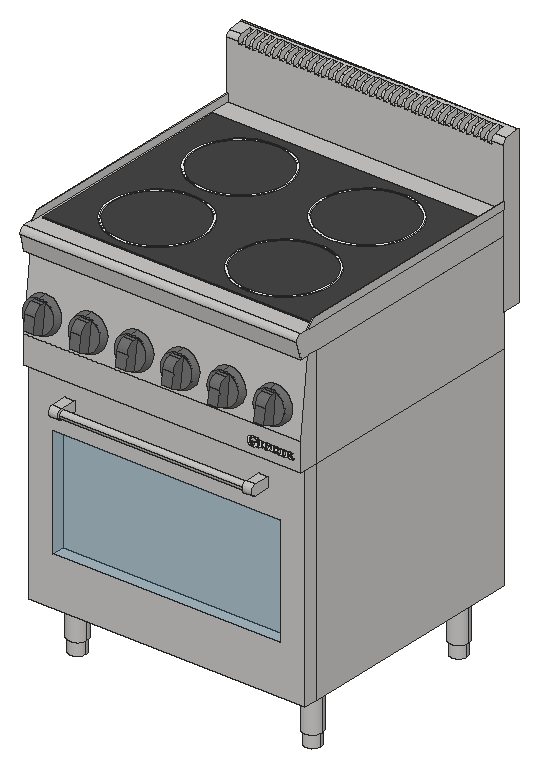
Revit family "QF_GIORIK_LPV674E", category Specialty Equipment, Revit 2014
Parameters (values of type "LPV674E")
  Weight in Pounds = 130.0726
  Watts = 10200 W
  Volts = 400 V
  URL Cutsheet = "www.giorik.com"
  URL = "www.giorik.com"
  Status [instance] = ""
  Specification by User [instance] = ""
  Specification by Manufacturer = ""
  Show Logo [instance] = yes
  Show Clearance [instance] = yes
  Serial Number = ""
  Seismic Rating = ""
  SMACNA No = ""
  Revision Code [instance] = ""
  Phase = 3
  Number of Poles [instance] = 3
  NAFEM Spec ID Number = ""
  Model = "LPV674E"
  Min Ckt Ampacity = 0 A
  Max Overcurrent Protection = 0 A
  Masterspec = ""
  Manufacturer = "GIORIK"
  Item Number [instance] = ""
  Installed By [instance] = ""
  Identify Quantity as Lot [instance] = no
  HP = "13.678404000000"
  Furnished By [instance] = ""
  Foodservice Equipment Identifier [instance] = yes
  FL Amps = 0 A
  Electrical Remarks [instance] = ""
  Electric Connection Type [instance] = ""
  Elec Conn RI Height [instance] = 0 mm
  Elec Conn Connection Height [instance] = 484 mm
  Description = "COOKING TOP 4 PLATES WITH CERAMIC GLASS ON ELECTRIC OVEN"
  Cycle = 50 Hz
  Conn Plug = ""
  CSI MasterFormat = ""
  Assembly Code = "E1090320"
  Apparent Power = 10200 VA
Reference planes
  plane 1 "Back": y = 0
  plane 2: z = 0
  plane 3 "Left": x = 0
  plane 4 "Right": x = 600
  plane 5 "Front": y = -600
  plane 6 "Top": z = 990
Forms (mm)
  Extrusion 1, solid
    sketch origin (0, 1000, -20) x (0, 1, 0) y (0, 0, 1)
      loop
        line (-1040.007, 869.975) -> (-1589.445, 869.975)
        arc (-1589.445, 869.975) -> (-1598.171, 865.672) -> (-1600.069, 856.13) r 10.999
        line (-1600.069, 856.13) -> (-1590.388, 820) -> (-1040.007, 820) -> (-1040.007, 869.975)
    from 0 to 600
  Extrusion 2, solid
    sketch origin (0, 0, 599.536) x (1, 0, 0) y (0, 1, 0)
      loop
        line (0, -550) -> (600, -550) -> (600, -40.007) -> (0, -40.007) -> (0, -550)
    from -479.536 to -19.536
  Extrusion 3, solid
    sketch origin (0, -645.251, 0) x (1, 0, 0) y (0, 0, 1)
      loop
        line (0, 580) -> (0, 120) -> (600, 120) -> (600, 580) -> (0, 580)
      loop
        line (52.345, 225.367) -> (547.299, 225.367) -> (547.299, 465.345) -> (52.345, 465.345) -> (52.345, 225.367)
    from -95.251 to -67.204
  Extrusion 4, solid
    sketch origin (0, -560.251, 0) x (1, 0, 0) y (0, 0, 1)
      loop
        line (52.345, 465.345) -> (52.345, 225.367) -> (547.299, 225.367) -> (547.299, 465.345) -> (52.345, 465.345)
    from -10.251 to 17.796
  Revolve 5, solid
    sketch origin (-599.9, -105.49, 0) x (1, 0, 0) y (0, 0, 1)
      loop
        line (1133.944, 120) -> (1133.944, 28.558) -> (1137.444, 28.558) -> (1137.444, 0) -> (1154.944, 0) -> (1154.944, 120) -> (1133.944, 120)
      axis (1154.944, 120) -> (1154.944, 0)
    angle from 0 to 360
  Revolve 6, solid
    sketch origin (-599.9, -501.453, 0) x (1, 0, 0) y (0, 0, 1)
      loop
        line (1133.944, 120) -> (1133.944, 28.558) -> (1137.444, 28.558) -> (1137.444, 0) -> (1154.944, 0) -> (1154.944, 120) -> (1133.944, 120)
      axis (1154.944, 120) -> (1154.944, 0)
    angle from 0 to 360
  Extrusion 7, solid
    sketch origin (0, 0, 0) x (0, 1, 0) y (0, 0, 1)
      loop
        line (-570.06, 849.975) -> (-40.007, 849.975) -> (-40.007, 865.387) -> (-554.648, 865.387) -> (-570.06, 849.975)
    from 0 to 1.85
  Extrusion 8, solid
    sketch origin (0, 0, 0) x (0, 1, 0) y (0, 0, 1)
      loop
        line (-40.007, 800) -> (-550, 800) -> (-550, 580) -> (-40.007, 580) -> (-40.007, 800)
    from 0 to 600
  Extrusion 9, solid
    sketch origin (0, 0, 0) x (0, 1, 0) y (0, 0, 1)
      loop
        line (-550, 800) -> (-570.5, 800) -> (-590, 640) -> (-590, 580) -> (-550, 580) -> (-550, 800)
    from 0 to 600
  Revolve 10, solid
    sketch origin (50.155, -0.544, -0.03) x (0, 1, 0) y (0, 0, 1)
      loop
        line (-598.03, 706.389) -> (-594.27, 737.013) -> (-609.648, 734.852) -> (-613.772, 701.269) -> (-581.482, 697.305) -> (-580.629, 704.252) -> (-598.03, 706.389)
      axis (-581.482, 697.305) -> (-613.772, 701.269)
    angle from 0 to 360
  Extrusion 11, solid
    sketch origin (598.094, 0, 0) x (0, 1, 0) y (0, 0, 1)
      loop
        line (-570.06, 849.975) -> (-40.007, 849.975) -> (-40.007, 865.387) -> (-554.648, 865.387) -> (-570.06, 849.975)
    from -0.15 to 1.906
  Extrusion 12, solid
    sketch origin (0, 0, 0) x (0, 1, 0) y (0, 0, 1)
      loop
        line (-40.007, 974.217) -> (-40.007, 650.827) -> (0, 650.827) -> (0, 988.42)
        arc (0, 988.42) -> (-0.57, 989.648) -> (-1.878, 990) r 1.6
        line (-1.878, 990) -> (-31.072, 984.852)
        arc (-31.072, 984.852) -> (-37.477, 981.162) -> (-40.007, 974.217) r 10.797
    from 0 to 600
  Extrusion 13, solid
    sketch origin (-112.831, -0.544, -0.03) x (0, 1, 0) y (0, 0, 1)
      loop
        line (-635.843, 711.553) -> (-639.647, 680.575) -> (-617.415, 671.593) -> (-610.135, 730.882) -> (-617.934, 729.786)
        arc (-617.934, 729.786) -> (-629.982, 723.708) -> (-635.843, 711.553) r 20.998
    from 151.831 to 173.831
  Revolve 14, solid
    sketch origin (150.132, -0.544, -0.03) x (0, 1, 0) y (0, 0, 1)
      loop
        line (-598.03, 706.389) -> (-594.27, 737.013) -> (-609.648, 734.852) -> (-613.772, 701.269) -> (-581.482, 697.305) -> (-580.629, 704.252) -> (-598.03, 706.389)
      axis (-581.482, 697.305) -> (-613.772, 701.269)
    angle from 0 to 360
  Extrusion 15, solid
    sketch origin (-12.854, -0.544, -0.03) x (0, 1, 0) y (0, 0, 1)
      loop
        line (-635.843, 711.553) -> (-639.647, 680.575) -> (-617.415, 671.593) -> (-610.135, 730.882) -> (-617.934, 729.786)
        arc (-617.934, 729.786) -> (-629.982, 723.708) -> (-635.843, 711.553) r 20.998
    from 151.831 to 173.831
  Revolve 16, solid
    sketch origin (250.155, -0.544, -0.03) x (0, 1, 0) y (0, 0, 1)
      loop
        line (-598.03, 706.389) -> (-594.27, 737.013) -> (-609.648, 734.852) -> (-613.772, 701.269) -> (-581.482, 697.305) -> (-580.629, 704.252) -> (-598.03, 706.389)
      axis (-581.482, 697.305) -> (-613.772, 701.269)
    angle from 0 to 360
  Extrusion 17, solid
    sketch origin (87.169, -0.544, -0.03) x (0, 1, 0) y (0, 0, 1)
      loop
        line (-635.843, 711.553) -> (-639.647, 680.575) -> (-617.415, 671.593) -> (-610.135, 730.882) -> (-617.934, 729.786)
        arc (-617.934, 729.786) -> (-629.982, 723.708) -> (-635.843, 711.553) r 20.998
    from 151.831 to 173.831
  Revolve 18, solid
    sketch origin (350.155, -0.544, -0.03) x (0, 1, 0) y (0, 0, 1)
      loop
        line (-598.03, 706.389) -> (-594.27, 737.013) -> (-609.648, 734.852) -> (-613.772, 701.269) -> (-581.482, 697.305) -> (-580.629, 704.252) -> (-598.03, 706.389)
      axis (-581.482, 697.305) -> (-613.772, 701.269)
    angle from 0 to 360
  Extrusion 19, solid
    sketch origin (187.169, -0.544, -0.03) x (0, 1, 0) y (0, 0, 1)
      loop
        line (-635.843, 711.553) -> (-639.647, 680.575) -> (-617.415, 671.593) -> (-610.135, 730.882) -> (-617.934, 729.786)
        arc (-617.934, 729.786) -> (-629.982, 723.708) -> (-635.843, 711.553) r 20.998
    from 151.831 to 173.831
  Revolve 20, solid
    sketch origin (450.155, -0.544, -0.03) x (0, 1, 0) y (0, 0, 1)
      loop
        line (-598.03, 706.389) -> (-594.27, 737.013) -> (-609.648, 734.852) -> (-613.772, 701.269) -> (-581.482, 697.305) -> (-580.629, 704.252) -> (-598.03, 706.389)
      axis (-581.482, 697.305) -> (-613.772, 701.269)
    angle from 0 to 360
  Extrusion 21, solid
    sketch origin (287.169, -0.544, -0.03) x (0, 1, 0) y (0, 0, 1)
      loop
        line (-635.843, 711.553) -> (-639.647, 680.575) -> (-617.415, 671.593) -> (-610.135, 730.882) -> (-617.934, 729.786)
        arc (-617.934, 729.786) -> (-629.982, 723.708) -> (-635.843, 711.553) r 20.998
    from 151.831 to 173.831
  Revolve 22, solid
    sketch origin (550.155, -0.544, -0.03) x (0, 1, 0) y (0, 0, 1)
      loop
        line (-598.03, 706.389) -> (-594.27, 737.013) -> (-609.648, 734.852) -> (-613.772, 701.269) -> (-581.482, 697.305) -> (-580.629, 704.252) -> (-598.03, 706.389)
      axis (-581.482, 697.305) -> (-613.772, 701.269)
    angle from 0 to 360
  Extrusion 23, solid
    sketch origin (387.169, -0.544, -0.03) x (0, 1, 0) y (0, 0, 1)
      loop
        line (-635.843, 711.553) -> (-639.647, 680.575) -> (-617.415, 671.593) -> (-610.135, 730.882) -> (-617.934, 729.786)
        arc (-617.934, 729.786) -> (-629.982, 723.708) -> (-635.843, 711.553) r 20.998
    from 151.831 to 173.831
  Extrusion 24, solid
    sketch origin (0, 8.303, 0) x (0, 1, 0) y (0, 0, 1)
      loop
        line (-620.347, 517.339) -> (-586.35, 517.339) -> (-586.35, 539.337) -> (-620.347, 539.337)
        arc (-620.347, 539.337) -> (-631.346, 528.338) -> (-620.347, 517.339) r 10.999
    from 79.843 to 99.841
  Extrusion 25, solid
    sketch origin (419.961, 8.303, 0) x (0, 1, 0) y (0, 0, 1)
      loop
        line (-620.347, 517.339) -> (-586.35, 517.339) -> (-586.35, 539.337) -> (-620.347, 539.337)
        arc (-620.347, 539.337) -> (-631.346, 528.338) -> (-620.347, 517.339) r 10.999
    from 79.843 to 99.841
  Extrusion 26, solid
    sketch origin (0, 8.303, 0) x (0, 1, 0) y (0, 0, 1)
      loop
        circle (-620.347, 528.338) r 8
    from 99.841 to 499.803
  Extrusion 27, solid, visible <- "Show Logo", detail levels coarse
    sketch origin (0, 0, 0) x (0, 1, 0) y (0, 0, 1)
      loop
        line (-578.047, 120) -> (-578.047, 580)
        arc (-578.047, 580) -> (-903.316, 445.269) -> (-1038.047, 120) r 460
        line (-1038.047, 120) -> (-578.047, 120)
    from 0 to 600
  Revolve 28, solid
    sketch origin (-1109.9, -105.49, 0) x (1, 0, 0) y (0, 0, 1)
      loop
        line (1133.944, 120) -> (1133.944, 28.558) -> (1137.444, 28.558) -> (1137.444, 0) -> (1154.944, 0) -> (1154.944, 120) -> (1133.944, 120)
      axis (1154.944, 120) -> (1154.944, 0)
    angle from 0 to 360
  Revolve 29, solid
    sketch origin (-1109.9, -501.453, 0) x (1, 0, 0) y (0, 0, 1)
      loop
        line (1133.944, 120) -> (1133.944, 28.558) -> (1137.444, 28.558) -> (1137.444, 0) -> (1154.944, 0) -> (1154.944, 120) -> (1133.944, 120)
      axis (1154.944, 120) -> (1154.944, 0)
    angle from 0 to 360
  Extrusion 30, solid
    sketch origin (103.319, 0, -122) x (1, 0, 0) y (0, 0, 1)
      loop
        circle (-38.319, 606) r 12.5
    from 20.007 to 40.007
  Extrusion 31, solid, visible <- "Show Logo"
    sketch origin (391.604, -590.5, 553.887) x (-1, 0, 0) y (0, 0, 1)
      loop
        line (-118.824, 58.358) -> (-127.804, 58.358) -> (-125.523, 56.445) -> (-125.523, 48.027) -> (-127.804, 46.113) -> (-118.824, 46.113) -> (-121.105, 48.027) -> (-121.105, 56.445) -> (-118.824, 58.358)
      loop
        line (-163.721, 58.358) -> (-172.7, 58.358) -> (-170.42, 56.445) -> (-170.42, 48.027) -> (-172.7, 46.113) -> (-163.721, 46.113) -> (-166.001, 48.027) -> (-166.001, 56.445) -> (-163.721, 58.358)
      loop
        line (-174.332, 58.358) -> (-183.312, 58.358) -> (-181.031, 56.445) -> (-181.031, 52.435) -> (-186.419, 56.955) -> (-184.416, 58.358) -> (-191.268, 58.358) -> (-188.01, 56.839) -> (-185.455, 54.283) -> (-190.846, 47.858) -> (-193.396, 46.93) -> (-193.396, 46.113) -> (-184.416, 46.113) -> (-185.437, 47.571) -> (-182.443, 51.552) -> (-181.031, 50.894) -> (-181.031, 48.027) -> (-183.312, 46.113) -> (-174.332, 46.113) -> (-176.613, 48.027) -> (-176.613, 56.445) -> (-174.332, 58.358)
      loop
        line (-115.429, 62.063) -> (-115.429, 54.198)
        arc (-115.429, 54.198) -> (-111.618, 57.803) -> (-106.847, 59.986) r 16.039
        arc (-106.847, 59.986) -> (-103.314, 59.837) -> (-100.512, 57.68) r 5.851
        arc (-100.512, 57.68) -> (-98.815, 52.267) -> (-100.512, 46.853) r 9.479
        arc (-100.512, 46.853) -> (-102.406, 44.986) -> (-104.846, 43.93) r 7.236
        arc (-104.846, 43.93) -> (-107.728, 44.111) -> (-110.052, 45.825) r 5.11
        line (-110.052, 45.825) -> (-110.052, 52.001) -> (-116.141, 52.001) -> (-116.141, 45.503) -> (-117.893, 43.751) -> (-114.094, 44.769)
        arc (-114.094, 44.769) -> (-112.56, 44.947) -> (-111.129, 44.366) r 3.115
        arc (-111.129, 44.366) -> (-104.216, 42.091) -> (-97.303, 44.366) r 11.641
        arc (-97.303, 44.366) -> (-93.396, 52.107) -> (-97.303, 59.849) r 9.622
        arc (-97.303, 59.849) -> (-104.369, 62.174) -> (-111.435, 59.849) r 11.898
        line (-111.435, 59.849) -> (-115.429, 62.063)
      loop
        arc (-129.234, 56.068) -> (-135.893, 58.628) -> (-142.552, 56.068) r 9.941
        arc (-142.552, 56.068) -> (-144.234, 52.286) -> (-142.552, 48.505) r 5.093
        arc (-142.552, 48.505) -> (-135.893, 45.945) -> (-129.234, 48.505) r 9.941
        arc (-129.234, 48.505) -> (-127.552, 52.286) -> (-129.234, 56.068) r 5.093
      loop
        arc (-132.628, 54.403) -> (-135.893, 57.668) -> (-139.158, 54.403) r 3.265
        line (-139.158, 54.403) -> (-139.158, 50.169)
        arc (-139.158, 50.169) -> (-135.893, 46.904) -> (-132.628, 50.169) r 3.265
        line (-132.628, 50.169) -> (-132.628, 54.403)
      loop
        arc (-156.363, 58.365) -> (-159.647, 55.081) -> (-156.363, 51.796) r 3.285
        line (-156.363, 51.796) -> (-159.529, 47.306) -> (-162.087, 46.113) -> (-155.847, 46.113) -> (-153.529, 51.083) -> (-150.637, 51.083) -> (-150.637, 47.784) -> (-153.022, 46.113) -> (-144.011, 46.113) -> (-146.094, 47.68) -> (-146.094, 56.493) -> (-144.229, 58.365) -> (-156.363, 58.365)
      loop
        line (-150.637, 57.512) -> (-153.637, 57.512)
        arc (-153.637, 57.512) -> (-156.237, 54.912) -> (-153.637, 52.312) r 2.6
        line (-153.637, 52.312) -> (-150.637, 52.312) -> (-150.637, 57.512)
      loop
        line (-108.924, 52.001) -> (-104.936, 49.005) -> (-100.948, 52.001) -> (-108.924, 52.001)
    from 1.5 to -0.5
  Extrusion 32, void
    sketch origin (10, 0, 990) x (0, 1, 0) y (-1, 0, 0)
      loop
        line (-40.007, -25) -> (-9.931, -25) -> (-9.931, -15) -> (-40.007, -15) -> (-40.007, -25)
      loop
        line (-40.007, -40) -> (-9.931, -40) -> (-9.931, -30) -> (-40.007, -30) -> (-40.007, -40)
      loop
        line (-40.007, -55) -> (-9.931, -55) -> (-9.931, -45) -> (-40.007, -45) -> (-40.007, -55)
      loop
        line (-40.007, -70) -> (-9.931, -70) -> (-9.931, -60) -> (-40.007, -60) -> (-40.007, -70)
      loop
        line (-40.007, -85) -> (-9.931, -85) -> (-9.931, -75) -> (-40.007, -75) -> (-40.007, -85)
      loop
        line (-40.007, -100) -> (-9.931, -100) -> (-9.931, -90) -> (-40.007, -90) -> (-40.007, -100)
      loop
        line (-40.007, -115) -> (-9.931, -115) -> (-9.931, -105) -> (-40.007, -105) -> (-40.007, -115)
      loop
        line (-40.007, -130) -> (-9.931, -130) -> (-9.931, -120) -> (-40.007, -120) -> (-40.007, -130)
      loop
        line (-40.007, -145) -> (-9.931, -145) -> (-9.931, -135) -> (-40.007, -135) -> (-40.007, -145)
      loop
        line (-40.007, -160) -> (-9.931, -160) -> (-9.931, -150) -> (-40.007, -150) -> (-40.007, -160)
      loop
        line (-40.007, -175) -> (-9.931, -175) -> (-9.931, -165) -> (-40.007, -165) -> (-40.007, -175)
      loop
        line (-40.007, -190) -> (-9.931, -190) -> (-9.931, -180) -> (-40.007, -180) -> (-40.007, -190)
      loop
        line (-40.007, -205) -> (-9.931, -205) -> (-9.931, -195) -> (-40.007, -195) -> (-40.007, -205)
      loop
        line (-40.007, -220) -> (-9.931, -220) -> (-9.931, -210) -> (-40.007, -210) -> (-40.007, -220)
      loop
        line (-40.007, -235) -> (-9.931, -235) -> (-9.931, -225) -> (-40.007, -225) -> (-40.007, -235)
      loop
        line (-40.007, -250) -> (-9.931, -250) -> (-9.931, -240) -> (-40.007, -240) -> (-40.007, -250)
      loop
        line (-40.007, -265) -> (-9.931, -265) -> (-9.931, -255) -> (-40.007, -255) -> (-40.007, -265)
      loop
        line (-40.007, -280) -> (-9.931, -280) -> (-9.931, -270) -> (-40.007, -270) -> (-40.007, -280)
      loop
        line (-40.007, -295) -> (-9.931, -295) -> (-9.931, -285) -> (-40.007, -285) -> (-40.007, -295)
      loop
        line (-40.007, -310) -> (-9.931, -310) -> (-9.931, -300) -> (-40.007, -300) -> (-40.007, -310)
      loop
        line (-40.007, -325) -> (-9.931, -325) -> (-9.931, -315) -> (-40.007, -315) -> (-40.007, -325)
      loop
        line (-40.007, -340) -> (-9.931, -340) -> (-9.931, -330) -> (-40.007, -330) -> (-40.007, -340)
      loop
        line (-40.007, -355) -> (-9.931, -355) -> (-9.931, -345) -> (-40.007, -345) -> (-40.007, -355)
      loop
        line (-40.007, -370) -> (-9.931, -370) -> (-9.931, -360) -> (-40.007, -360) -> (-40.007, -370)
      loop
        line (-40.007, -385) -> (-9.931, -385) -> (-9.931, -375) -> (-40.007, -375) -> (-40.007, -385)
      loop
        line (-40.007, -400) -> (-9.931, -400) -> (-9.931, -390) -> (-40.007, -390) -> (-40.007, -400)
      loop
        line (-40.007, -415) -> (-9.931, -415) -> (-9.931, -405) -> (-40.007, -405) -> (-40.007, -415)
      loop
        line (-40.007, -430) -> (-9.931, -430) -> (-9.931, -420) -> (-40.007, -420) -> (-40.007, -430)
      loop
        line (-40.007, -445) -> (-9.931, -445) -> (-9.931, -435) -> (-40.007, -435) -> (-40.007, -445)
      loop
        line (-40.007, -460) -> (-9.931, -460) -> (-9.931, -450) -> (-40.007, -450) -> (-40.007, -460)
      loop
        line (-40.007, -475) -> (-9.931, -475) -> (-9.931, -465) -> (-40.007, -465) -> (-40.007, -475)
      loop
        line (-40.007, -490) -> (-9.931, -490) -> (-9.931, -480) -> (-40.007, -480) -> (-40.007, -490)
      loop
        line (-40.007, -505) -> (-9.931, -505) -> (-9.931, -495) -> (-40.007, -495) -> (-40.007, -505)
      loop
        line (-40.007, -520) -> (-9.931, -520) -> (-9.931, -510) -> (-40.007, -510) -> (-40.007, -520)
      loop
        line (-40.007, -535) -> (-9.931, -535) -> (-9.931, -525) -> (-40.007, -525) -> (-40.007, -535)
      loop
        line (-40.007, -550) -> (-9.931, -550) -> (-9.931, -540) -> (-40.007, -540) -> (-40.007, -550)
      loop
        line (-40.007, -565) -> (-9.931, -565) -> (-9.931, -555) -> (-40.007, -555) -> (-40.007, -565)
    from 0 to -20
  Extrusion 33, solid
    sketch origin (0, 0, 0) x (1, 0, 0) y (0, 0, 1)
      loop
        line (66.044, 120) -> (66.044, 95) -> (534.044, 95) -> (534.044, 120) -> (66.044, 120)
    from 141.49 to 465.453
  Extrusion 34, solid
    sketch origin (-20, -4.565, 801.975) x (0, 1, 0) y (-1, 0, 0)
      loop
        line (-545.876, -30) -> (-545.876, -610) -> (-85, -610) -> (-85, -30) -> (-545.876, -30)
    from 48 to 50
  Extrusion 35, solid
    sketch origin (-27.499, -664.222, 829.463) x (0, -1, 0) y (1, 0, 0)
      loop
        circle (-231.5, 189.999) r 100
      loop
        circle (-231.5, 189.999) r 96.5
    from 23 to 20.512
  Extrusion 36, solid
    sketch origin (627.499, -664.222, 829.463) x (0, -1, 0) y (1, 0, 0)
      loop
        circle (-231.5, -189.999) r 100
      loop
        circle (-231.5, -189.999) r 96.5
    from 23 to 20.512
  Extrusion 37, solid
    sketch origin (627.499, 24.216, 829.463) x (0, 1, 0) y (-1, 0, 0)
      loop
        circle (-231.5, 189.999) r 100
      loop
        circle (-231.5, 189.999) r 96.5
    from 23 to 20.512
  Extrusion 38, solid
    sketch origin (-27.499, 24.216, 829.463) x (0, 1, 0) y (-1, 0, 0)
      loop
        circle (-231.5, -189.999) r 100
      loop
        circle (-231.5, -189.999) r 96.5
    from 23 to 20.512
Cuts and joins
  Extrusion 32 cuts Extrusion 2
  Extrusion 32 cuts Extrusion 12
Lines and regions (mm)
  symbolic lines, style "200-EquipBorder-2D"
    curve 1: line (600, 0, 0) -> (0, 0, 0)
    curve 2: line (0, 0, 0) -> (0, -600, 0)
    curve 122: line (600, -600, 990) -> (600, 0, 990)
    curve 137: line (0, -600, 990) -> (600, -600, 990)
    curve 138: line (79.843, -623.043, 990) -> (79.843, -616.312, 990)
    curve 139: line (79.843, -623.043, 990) -> (99.841, -623.043, 990)
    curve 140: line (99.841, -623.043, 990) -> (99.841, -620.044, 990)
    curve 141: line (99.841, -620.044, 990) -> (138.977, -620.044, 990)
    curve 142: line (99.841, -604.044, 990) -> (99.841, -600, 990)
    curve 143: line (99.841, -604.044, 990) -> (113.728, -604.044, 990)
    curve 144: line (160.977, -620.044, 990) -> (239, -620.044, 990)
    curve 145: line (261, -620.044, 990) -> (339, -620.044, 990)
    curve 146: line (361, -620.044, 990) -> (439, -620.044, 990)
    curve 147: line (461, -620.044, 990) -> (499.803, -620.044, 990)
    curve 148: line (186.781, -603.985, 990) -> (213.544, -603.985, 990)
    curve 149: line (286.8, -604.061, 990) -> (313.582, -604.061, 990)
    curve 150: line (386.866, -603.984, 990) -> (413.525, -603.984, 990)
    curve 151: line (486.949, -604.031, 990) -> (499.803, -604.031, 990)
    curve 152: line (499.803, -604.031, 990) -> (499.803, -600, 990)
    curve 153: line (499.803, -620.044, 990) -> (499.803, -623.043, 990)
    curve 154: line (499.803, -623.043, 990) -> (519.801, -623.043, 990)
    curve 155: line (519.801, -623.043, 990) -> (519.801, -615.183, 990)
    curve 156: spline (39, -618.202, 990) -> (35.789, -618.041, 990) -> (32.73, -617.841, 990) -> (29.856, -617.604, 990) -> (27.196, -617.332, 990) -> (24.779, -617.028, 990) -> (22.63, -616.696, 990) -> (20.772, -616.338, 990) -> (19.225, -615.96, 990) -> (18.004, -615.563, 990) -> (17.122, -615.154, 990) -> (16.59, -614.736, 990) -> (16.412, -614.313, 990)
    curve 157: line (16.412, -614.313, 990) -> (12.424, -600, 990)
    curve 158: line (84.073, -614.408, 990) -> (87.842, -600, 990)
    curve 159: line (39, -640.19, 430) -> (39, -610.679, 430)
    curve 160: line (39, -640.19, 430) -> (61, -640.19, 430)
    curve 161: line (61, -640.19, 430) -> (61, -610.679, 430)
    curve 162: spline (16.412, -614.313, 430) -> (17.564, -613.264, 430) -> (20.941, -612.286, 430) -> (26.314, -611.446, 430) -> (33.316, -610.802, 430) -> (41.47, -610.396, 430) -> (50.22, -610.258, 430) -> (58.97, -610.396, 430) -> (67.124, -610.802, 430) -> (74.126, -611.446, 430) -> (79.499, -612.286, 430) -> (82.877, -613.264, 430) -> (84.029, -614.313, 430)
    curve 163: line (39, -610.679, 430) -> (61, -610.679, 430)
    curve 164: spline (138.977, -618.202, 990) -> (135.765, -618.041, 990) -> (132.707, -617.841, 990) -> (129.832, -617.604, 990) -> (127.172, -617.332, 990) -> (124.756, -617.028, 990) -> (122.607, -616.696, 990) -> (120.749, -616.338, 990) -> (119.201, -615.96, 990) -> (117.98, -615.563, 990) -> (117.099, -615.154, 990) -> (116.566, -614.736, 990) -> (116.388, -614.313, 990)
    curve 165: spline (184.05, -614.408, 990) -> (183.796, -614.826, 990) -> (183.195, -615.239, 990) -> (182.252, -615.643, 990) -> (180.977, -616.033, 990) -> (179.384, -616.405, 990) -> (177.489, -616.755, 990) -> (175.312, -617.08, 990) -> (172.875, -617.376, 990) -> (170.203, -617.641, 990) -> (167.325, -617.871, 990) -> (164.269, -618.065, 990) -> (161.068, -618.219, 990)
    curve 166: line (116.388, -614.313, 990) -> (112.411, -600, 990)
    curve 167: line (184.05, -614.408, 990) -> (187.825, -600, 990)
    curve 168: line (138.977, -640.19, 430) -> (138.977, -610.679, 430)
    curve 169: line (138.977, -640.19, 430) -> (160.977, -640.19, 430)
    curve 170: line (160.977, -640.19, 430) -> (160.977, -610.679, 430)
    curve 171: spline (116.388, -614.313, 430) -> (117.54, -613.264, 430) -> (120.918, -612.286, 430) -> (126.29, -611.446, 430) -> (133.292, -610.802, 430) -> (141.446, -610.396, 430) -> (150.197, -610.258, 430) -> (158.947, -610.396, 430) -> (167.101, -610.802, 430) -> (174.103, -611.446, 430) -> (179.476, -612.286, 430) -> (182.853, -613.264, 430) -> (184.005, -614.313, 430)
    curve 172: line (138.977, -610.679, 430) -> (160.977, -610.679, 430)
    curve 173: spline (239, -618.202, 990) -> (235.789, -618.041, 990) -> (232.73, -617.841, 990) -> (229.856, -617.604, 990) -> (227.196, -617.332, 990) -> (224.779, -617.028, 990) -> (222.63, -616.696, 990) -> (220.772, -616.338, 990) -> (219.225, -615.96, 990) -> (218.004, -615.563, 990) -> (217.122, -615.154, 990) -> (216.59, -614.736, 990) -> (216.412, -614.313, 990)
    curve 174: spline (284.073, -614.408, 990) -> (283.819, -614.826, 990) -> (283.218, -615.239, 990) -> (282.275, -615.643, 990) -> (281.001, -616.033, 990) -> (279.408, -616.405, 990) -> (277.513, -616.755, 990) -> (275.336, -617.08, 990) -> (272.898, -617.376, 990) -> (270.227, -617.641, 990) -> (267.348, -617.871, 990) -> (264.293, -618.065, 990) -> (261.091, -618.219, 990)
    curve 175: line (216.412, -614.313, 990) -> (212.437, -600, 990)
    curve 176: line (284.073, -614.408, 990) -> (287.871, -600, 990)
    curve 177: line (239, -640.19, 430) -> (239, -610.679, 430)
    curve 178: line (239, -640.19, 430) -> (261, -640.19, 430)
    curve 179: line (261, -640.19, 430) -> (261, -610.679, 430)
    curve 180: spline (216.412, -614.313, 430) -> (217.564, -613.264, 430) -> (220.941, -612.286, 430) -> (226.314, -611.446, 430) -> (233.316, -610.802, 430) -> (241.47, -610.396, 430) -> (250.22, -610.258, 430) -> (258.97, -610.396, 430) -> (267.124, -610.802, 430) -> (274.126, -611.446, 430) -> (279.499, -612.286, 430) -> (282.877, -613.264, 430) -> (284.029, -614.313, 430)
    curve 181: line (239, -610.679, 430) -> (261, -610.679, 430)
    curve 182: spline (339, -618.202, 990) -> (335.789, -618.041, 990) -> (332.73, -617.841, 990) -> (329.856, -617.604, 990) -> (327.196, -617.332, 990) -> (324.779, -617.028, 990) -> (322.63, -616.696, 990) -> (320.772, -616.338, 990) -> (319.225, -615.96, 990) -> (318.004, -615.563, 990) -> (317.122, -615.154, 990) -> (316.59, -614.736, 990) -> (316.412, -614.313, 990)
    curve 183: spline (384.073, -614.408, 990) -> (383.819, -614.826, 990) -> (383.218, -615.239, 990) -> (382.275, -615.643, 990) -> (381.001, -616.033, 990) -> (379.408, -616.405, 990) -> (377.513, -616.755, 990) -> (375.336, -617.08, 990) -> (372.898, -617.376, 990) -> (370.227, -617.641, 990) -> (367.348, -617.871, 990) -> (364.293, -618.065, 990) -> (361.091, -618.219, 990)
    curve 184: line (316.412, -614.313, 990) -> (312.462, -600, 990)
    curve 185: line (384.073, -614.408, 990) -> (387.934, -600, 990)
    curve 186: line (339, -640.19, 430) -> (339, -610.679, 430)
    curve 187: line (339, -640.19, 430) -> (361, -640.19, 430)
    curve 188: line (361, -640.19, 430) -> (361, -610.679, 430)
    curve 189: spline (316.412, -614.313, 430) -> (317.564, -613.264, 430) -> (320.941, -612.286, 430) -> (326.314, -611.446, 430) -> (333.316, -610.802, 430) -> (341.47, -610.396, 430) -> (350.22, -610.258, 430) -> (358.97, -610.396, 430) -> (367.124, -610.802, 430) -> (374.126, -611.446, 430) -> (379.499, -612.286, 430) -> (382.877, -613.264, 430) -> (384.029, -614.313, 430)
    curve 190: line (339, -610.679, 430) -> (361, -610.679, 430)
    curve 191: spline (439, -618.202, 990) -> (435.789, -618.041, 990) -> (432.73, -617.841, 990) -> (429.856, -617.604, 990) -> (427.196, -617.332, 990) -> (424.779, -617.028, 990) -> (422.63, -616.696, 990) -> (420.772, -616.338, 990) -> (419.225, -615.96, 990) -> (418.004, -615.563, 990) -> (417.122, -615.154, 990) -> (416.59, -614.736, 990) -> (416.412, -614.313, 990)
    curve 192: spline (484.073, -614.408, 990) -> (483.819, -614.826, 990) -> (483.218, -615.239, 990) -> (482.275, -615.643, 990) -> (481.001, -616.033, 990) -> (479.408, -616.405, 990) -> (477.513, -616.755, 990) -> (475.336, -617.08, 990) -> (472.898, -617.376, 990) -> (470.227, -617.641, 990) -> (467.348, -617.871, 990) -> (464.293, -618.065, 990) -> (461.091, -618.219, 990)
    curve 193: line (416.412, -614.313, 990) -> (412.412, -600, 990)
    curve 194: line (484.073, -614.408, 990) -> (487.829, -600, 990)
    curve 195: line (439, -640.19, 430) -> (439, -610.679, 430)
    curve 196: line (439, -640.19, 430) -> (461, -640.19, 430)
    curve 197: line (461, -640.19, 430) -> (461, -610.679, 430)
    curve 198: spline (416.412, -614.313, 430) -> (417.564, -613.264, 430) -> (420.941, -612.286, 430) -> (426.314, -611.446, 430) -> (433.316, -610.802, 430) -> (441.47, -610.396, 430) -> (450.22, -610.258, 430) -> (458.97, -610.396, 430) -> (467.124, -610.802, 430) -> (474.126, -611.446, 430) -> (479.499, -612.286, 430) -> (482.877, -613.264, 430) -> (484.029, -614.313, 430)
    curve 199: line (439, -610.679, 430) -> (461, -610.679, 430)
    curve 200: spline (539, -618.202, 990) -> (535.789, -618.041, 990) -> (532.73, -617.841, 990) -> (529.856, -617.604, 990) -> (527.196, -617.332, 990) -> (524.779, -617.028, 990) -> (522.63, -616.696, 990) -> (520.772, -616.338, 990) -> (519.225, -615.96, 990) -> (518.004, -615.563, 990) -> (517.122, -615.154, 990) -> (516.59, -614.736, 990) -> (516.412, -614.313, 990)
    curve 201: spline (584.073, -614.408, 990) -> (583.819, -614.826, 990) -> (583.218, -615.239, 990) -> (582.275, -615.643, 990) -> (581.001, -616.033, 990) -> (579.408, -616.405, 990) -> (577.513, -616.755, 990) -> (575.336, -617.08, 990) -> (572.898, -617.376, 990) -> (570.227, -617.641, 990) -> (567.348, -617.871, 990) -> (564.293, -618.065, 990) -> (561.091, -618.219, 990)
    curve 202: line (516.412, -614.313, 990) -> (512.442, -600, 990)
    curve 203: line (584.073, -614.408, 990) -> (587.801, -600, 990)
    curve 204: line (539, -640.19, 430) -> (539, -610.679, 430)
    curve 205: line (539, -640.19, 430) -> (561, -640.19, 430)
    curve 206: line (561, -640.19, 430) -> (561, -610.679, 430)
    curve 207: spline (516.412, -614.313, 430) -> (517.564, -613.264, 430) -> (520.941, -612.286, 430) -> (526.314, -611.446, 430) -> (533.316, -610.802, 430) -> (541.47, -610.396, 430) -> (550.22, -610.258, 430) -> (558.97, -610.396, 430) -> (567.124, -610.802, 430) -> (574.126, -611.446, 430) -> (579.499, -612.286, 430) -> (582.877, -613.264, 430) -> (584.029, -614.313, 430)
    curve 208: line (539, -610.679, 430) -> (561, -610.679, 430)
    curve 209: spline (83.982, -614.408, 990) -> (83.728, -614.826, 990) -> (83.127, -615.239, 990) -> (82.184, -615.643, 990) -> (80.909, -616.033, 990) -> (79.316, -616.405, 990) -> (77.422, -616.755, 990) -> (75.244, -617.08, 990) -> (72.807, -617.376, 990) -> (70.135, -617.641, 990) -> (67.257, -617.871, 990) -> (64.201, -618.065, 990) -> (61, -618.219, 990)
  symbolic lines, style "200-EquipInternal-2D"
    curve 3: line (600, -40.007, 990) -> (0, -40.007, 990)
    curve 4: line (597.944, -570.06, 990) -> (600, -570.06, 990)
    curve 5: line (597.944, -40.007, 990) -> (597.944, -570.06, 990)
    curve 9: line (0, -570.06, 990) -> (1.85, -570.06, 990)
    curve 10: line (1.85, -570.06, 990) -> (1.85, -40.007, 990)
    curve 11: line (25, -9.931, 290) -> (25, -40.007, 290)
    curve 12: line (35, -40.007, 290) -> (35, -9.931, 290)
    curve 13: line (40, -9.931, 290) -> (40, -40.007, 290)
    curve 14: line (50, -40.007, 290) -> (50, -9.931, 290)
    curve 15: line (55, -9.931, 290) -> (55, -40.007, 290)
    curve 16: line (65, -40.007, 290) -> (65, -9.931, 290)
    curve 17: line (85, -9.931, 290) -> (85, -40.007, 290)
    curve 18: line (95, -40.007, 290) -> (95, -9.931, 290)
    curve 19: line (100, -9.931, 290) -> (100, -40.007, 290)
    curve 20: line (110, -40.007, 290) -> (110, -9.931, 290)
    curve 21: line (140, -40.007, 290) -> (140, -9.931, 290)
    curve 22: line (130, -9.931, 290) -> (130, -40.007, 290)
    curve 23: line (155, -40.007, 290) -> (155, -9.931, 290)
    curve 24: line (160, -9.931, 290) -> (160, -40.007, 290)
    curve 25: line (170, -40.007, 290) -> (170, -9.931, 290)
    curve 26: line (145, -9.931, 290) -> (145, -40.007, 290)
    curve 27: line (200, -40.007, 290) -> (200, -9.931, 290)
    curve 28: line (190, -9.931, 290) -> (190, -40.007, 290)
    curve 29: line (205, -9.931, 290) -> (205, -40.007, 290)
    curve 30: line (215, -40.007, 290) -> (215, -9.931, 290)
    curve 31: line (220, -9.931, 290) -> (220, -40.007, 290)
    curve 32: line (230, -40.007, 290) -> (230, -9.931, 290)
    curve 33: line (250, -9.931, 290) -> (250, -40.007, 290)
    curve 34: line (260, -40.007, 290) -> (260, -9.931, 290)
    curve 35: line (265, -9.931, 290) -> (265, -40.007, 290)
    curve 36: line (275, -40.007, 290) -> (275, -9.931, 290)
    curve 37: line (280, -9.931, 290) -> (280, -40.007, 290)
    curve 38: line (290, -40.007, 290) -> (290, -9.931, 290)
    curve 39: line (320, -40.007, 290) -> (320, -9.931, 290)
    curve 40: line (310, -9.931, 290) -> (310, -40.007, 290)
    curve 41: line (335, -40.007, 290) -> (335, -9.931, 290)
    curve 42: line (325, -9.931, 290) -> (325, -40.007, 290)
    curve 43: line (340, -9.931, 290) -> (340, -40.007, 290)
    curve 44: line (350, -40.007, 290) -> (350, -9.931, 290)
    curve 45: line (370, -9.931, 290) -> (370, -40.007, 290)
    curve 46: line (380, -40.007, 290) -> (380, -9.931, 290)
    curve 47: line (385, -9.931, 290) -> (385, -40.007, 290)
    curve 48: line (395, -9.931, 290) -> (385, -9.931, 290)
    curve 49: line (380, -9.931, 290) -> (370, -9.931, 290)
    curve 50: line (350, -9.931, 290) -> (340, -9.931, 290)
    curve 51: line (335, -9.931, 290) -> (325, -9.931, 290)
    curve 52: line (320, -9.931, 290) -> (310, -9.931, 290)
    curve 53: line (275, -9.931, 290) -> (265, -9.931, 290)
    curve 54: line (110, -9.931, 290) -> (100, -9.931, 290)
    curve 55: line (95, -9.931, 290) -> (85, -9.931, 290)
    curve 56: line (65, -9.931, 290) -> (55, -9.931, 290)
    curve 57: line (35, -9.931, 290) -> (25, -9.931, 290)
    curve 58: line (140, -9.931, 290) -> (130, -9.931, 290)
    curve 59: line (155, -9.931, 290) -> (145, -9.931, 290)
    curve 60: line (170, -9.931, 290) -> (160, -9.931, 290)
    curve 61: line (200, -9.931, 290) -> (190, -9.931, 290)
    curve 62: line (215, -9.931, 290) -> (205, -9.931, 290)
    curve 63: line (230, -9.931, 290) -> (220, -9.931, 290)
    curve 64: line (260, -9.931, 290) -> (250, -9.931, 290)
    curve 65: line (50, -9.931, 290) -> (40, -9.931, 290)
    curve 66: line (70, -9.931, 990) -> (70, -40.007, 990)
    curve 67: line (80, -40.007, 990) -> (80, -9.931, 990)
    curve 68: line (80, -9.931, 990) -> (70, -9.931, 990)
    curve 69: line (115, -9.931, 990) -> (115, -40.007, 990)
    curve 70: line (125, -40.007, 990) -> (125, -9.931, 990)
    curve 71: line (125, -9.931, 990) -> (115, -9.931, 990)
    curve 72: line (175, -9.931, 990) -> (175, -40.007, 990)
    curve 73: line (185, -40.007, 990) -> (185, -9.931, 990)
    curve 74: line (185, -9.931, 990) -> (175, -9.931, 990)
    curve 75: line (235, -9.931, 990) -> (235, -40.007, 990)
    curve 76: line (245, -40.007, 990) -> (245, -9.931, 990)
    curve 77: line (245, -9.931, 990) -> (235, -9.931, 990)
    curve 78: line (290, -9.931, 990) -> (280, -9.931, 990)
    curve 79: line (305, -9.931, 990) -> (295, -9.931, 990)
    curve 80: line (295, -9.931, 990) -> (295, -40.007, 990)
    curve 81: line (305, -40.007, 990) -> (305, -9.931, 990)
    curve 82: line (355, -9.931, 990) -> (355, -40.007, 990)
    curve 83: line (365, -40.007, 990) -> (365, -9.931, 990)
    curve 84: line (365, -9.931, 990) -> (355, -9.931, 990)
    curve 85: line (395, -40.007, 990) -> (395, -9.931, 990)
    curve 86: line (400, -9.931, 990) -> (400, -40.007, 990)
    curve 87: line (410, -40.007, 990) -> (410, -9.931, 990)
    curve 88: line (410, -9.931, 990) -> (400, -9.931, 990)
    curve 89: line (425, -9.931, 990) -> (415, -9.931, 990)
    curve 90: line (415, -9.931, 990) -> (415, -40.007, 990)
    curve 91: line (425, -40.007, 990) -> (425, -9.931, 990)
    curve 92: line (430, -9.931, 990) -> (430, -40.007, 990)
    curve 93: line (440, -40.007, 990) -> (440, -9.931, 990)
    curve 94: line (440, -9.931, 990) -> (430, -9.931, 990)
    curve 95: line (445, -9.931, 990) -> (445, -40.007, 990)
    curve 96: line (455, -40.007, 990) -> (455, -9.931, 990)
    curve 97: line (460, -9.931, 990) -> (460, -40.007, 990)
    curve 98: line (470, -40.007, 990) -> (470, -9.931, 990)
    curve 99: line (475, -9.931, 990) -> (475, -40.007, 990)
    curve 100: line (485, -40.007, 990) -> (485, -9.931, 990)
    curve 101: line (490, -9.931, 990) -> (490, -40.007, 990)
    curve 102: line (500, -40.007, 990) -> (500, -9.931, 990)
    curve 103: line (505, -9.931, 990) -> (505, -40.007, 990)
    curve 104: line (515, -40.007, 990) -> (515, -9.931, 990)
    curve 105: line (520, -9.931, 990) -> (520, -40.007, 990)
    curve 106: line (530, -40.007, 990) -> (530, -9.931, 990)
    curve 107: line (535, -9.931, 990) -> (535, -40.007, 990)
    curve 108: line (545, -40.007, 990) -> (545, -9.931, 990)
    curve 109: line (550, -9.931, 990) -> (550, -40.007, 990)
    curve 110: line (560, -40.007, 990) -> (560, -9.931, 990)
    curve 111: line (565, -9.931, 990) -> (565, -40.007, 990)
    curve 112: line (455, -9.931, 990) -> (445, -9.931, 990)
    curve 113: line (470, -9.931, 990) -> (460, -9.931, 990)
    curve 114: line (485, -9.931, 990) -> (475, -9.931, 990)
    curve 115: line (500, -9.931, 990) -> (490, -9.931, 990)
    curve 116: line (515, -9.931, 990) -> (505, -9.931, 990)
    curve 117: line (530, -9.931, 990) -> (520, -9.931, 990)
    curve 118: line (545, -9.931, 990) -> (535, -9.931, 990)
    curve 119: line (560, -9.931, 990) -> (550, -9.931, 990)
    curve 120: line (575, -9.931, 990) -> (565, -9.931, 990)
    curve 121: line (575, -40.007, 990) -> (575, -9.931, 990)
    curve 125: line (590, -89.565, 900) -> (10, -89.565, 900)
    curve 126: line (10, -89.565, 900) -> (10, -550.442, 900)
    curve 127: line (10, -550.442, 900) -> (590, -550.442, 900)
    curve 128: line (590, -89.565, 900) -> (590, -550.442, 900)
    curve 129: circle (162.5, -207.284, 900) r 96.5 normal (0, 0, 1)
    curve 130: circle (162.5, -207.284, 900) r 100 normal (0, 0, 1)
    curve 131: circle (437.5, -207.284, 900) r 100 normal (0, 0, 1)
    curve 132: circle (437.5, -207.284, 900) r 96.5 normal (0, 0, 1)
    curve 133: circle (437.5, -432.722, 900) r 96.5 normal (0, 0, 1)
    curve 134: circle (437.5, -432.722, 900) r 100 normal (0, 0, 1)
    curve 135: circle (162.5, -432.722, 900) r 96.5 normal (0, 0, 1)
    curve 136: circle (162.5, -432.722, 900) r 100 normal (0, 0, 1)
  symbolic lines, style "QF_Door-Drawer Clearances", visible <- "Show Clearance", detail levels coarse
    curve 6: line (0, -600, 990) -> (0, -1038.047, 990)
  symbolic lines, style "QF_Door-Drawer Clearances", visible <- "Show Logo", detail levels coarse
    curve 7: line (0, -1038.047, 990) -> (600, -1038.047, 990)
    curve 8: line (600, -1038.047, 990) -> (600, -600, 990)
  model lines, style "200-EquipBlack-3D"
    curve 123: line (0, -126.49, 120) -> (0, -126.49, 105)
    curve 124: line (0, -480.453, 120) -> (0, -480.453, 105)
Dimensions and locks
  plane 3 "Left" to plane 4 "Right" = 600 mm
  plane 5 "Front" to plane 1 "Back" = 600 mm
  plane 4 "Right" to plane 3 "Left" = 600 mm
  plane 1 "Back" to plane 5 "Front" = 600 mm
  plane 6 "Top" to level = 990 mm  (x2)
  aligned and locked: level to plane 2
Connectors
  electrical at (65, -20.007, 484), driven by "Apparent Power", driven by "Volts", driven by "Number of Poles"
    settings: on Extrusion 30, index 1, voltage 400 V, apparent load 0 VA, apparent load phase1 10200 VA, apparent load phase2 0 VA, apparent load phase3 0 VA, power factor 1, load classification "Other", number of poles 3, system type 31, power factor state 1, is connector primary yes, connector utility no, sub classification motor no, connector description "Electical connection"
